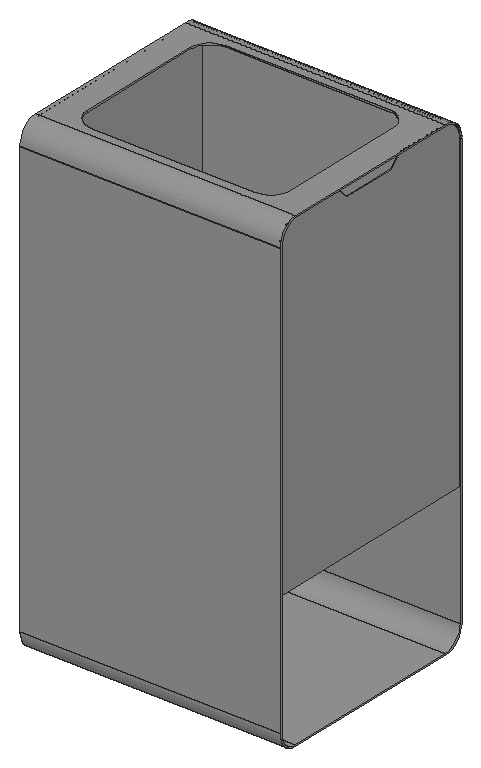
Revit family "Урна для раздельного сбора мусора «Тенорис» Арт 12775", category Антураж, Revit 2018
Family settings
  На основе рабочей плоскости = Нет
  Всегда вертикально = Да
  При загрузке вырезать с полостями = Нет
  Источник визуального образа = Геометрия семейства
  Общий = Нет
  Точка расчета площади = Нет
Parameters (values of type "Урна для раздельного сбора мусора «Тенорис»")
  Ширина = 400 mm  # constant formula
  Цвет урны = Сталь
  Цвет отходов = Оранжевый
  Описание = "Урна для раздельного сбора мусора «Тенорис»"  # constant formula
  Материал изделия = "Сталь"  # constant formula
  Изображение типоразмера = Урна для раздельного сбора мусора «Тенорис» Арт 12775.jpg
  Изготовитель = "ООО «Хоббика»"  # constant formula
  Длина = 460 mm  # constant formula
  Группа модели = "Уличные урны"  # constant formula
  Высота = 840 mm  # constant formula
  Артикул товара = "Арт. 12775"  # constant formula
  URL = "https://hobbyka.ru/product/urna_dlya_razdelnogo_sbora_musora_tenoris/"
Reference planes
  plane 1 "По центру (Вперед/Назад)": y = 0
  plane 2: z = 0
  plane 3 "По центру (Влево/Вправо)": x = 0
  plane 4: x = 460
  plane 5: y = 400
  plane 6: z = 840
Forms (mm)
  Extrusion 1, solid, material "Сталь" <- "Цвет урны"
    sketch origin (0, 0, 0) x (0, 1, 0) y (0, 0, 1)
      loop
        line (365, 840) -> (35, 840)
        arc (35, 840) -> (10.251, 829.749) -> (0, 805) r 35
        line (0, 805) -> (1, 805) -> (1, 802.5) -> (0, 802.5) -> (0, 35)
        arc (0, 35) -> (10.251, 10.251) -> (35, 0) r 35
        line (35, 0) -> (365, 0)
        arc (365, 0) -> (389.749, 10.251) -> (400, 35) r 35
        line (400, 35) -> (400, 802.5) -> (399, 802.5) -> (399, 805) -> (400, 805)
        arc (400, 805) -> (389.749, 829.749) -> (365, 840) r 35
      loop
        line (365, 838) -> (35, 838)
        arc (35, 838) -> (11.665, 828.335) -> (2, 805) r 33
        line (2, 805) -> (2, 35)
        arc (2, 35) -> (11.665, 11.665) -> (35, 2) r 33
        line (35, 2) -> (365, 2)
        arc (365, 2) -> (388.335, 11.665) -> (398, 35) r 33
        line (398, 35) -> (398, 805)
        arc (398, 805) -> (388.335, 828.335) -> (365, 838) r 33
    from 0 to 460
  Extrusion 2, void
    sketch origin (0, 0, 0) x (1, 0, 0) y (0, 1, 0)
      loop
        arc (85, 348) -> (60.251, 337.749) -> (50, 313) r 35
        line (50, 313) -> (50, 85)
        arc (50, 85) -> (60.251, 60.251) -> (85, 50) r 35
        line (85, 50) -> (375, 50)
        arc (375, 50) -> (399.749, 60.251) -> (410, 85) r 35
        line (410, 85) -> (410, 313)
        arc (410, 313) -> (399.749, 337.749) -> (375, 348) r 35
        line (375, 348) -> (85, 348)
    from 838 to 840
  Extrusion 3, solid, material "Оранжевый" <- "Цвет отходов"
    sketch origin (0, 0, 0) x (0, 1, 0) y (0, 0, 1)
      loop
        line (365, 838) -> (35, 838)
        arc (35, 838) -> (11.665, 828.335) -> (2, 805) r 33
        line (2, 805) -> (2, 250) -> (398, 250) -> (398, 805)
        arc (398, 805) -> (388.335, 828.335) -> (365, 838) r 33
    from 3 to 5
  Extrusion 4, solid, material "Оранжевый" <- "Цвет отходов"
    sketch origin (0, 0, 0) x (0, 1, 0) y (0, 0, 1)
      loop
        line (365, 838) -> (270, 838) -> (250, 818) -> (150, 818) -> (130, 838) -> (35, 838)
        arc (35, 838) -> (11.665, 828.335) -> (2, 805) r 33
        line (2, 805) -> (2, 250) -> (398, 250) -> (398, 805)
        arc (398, 805) -> (388.335, 828.335) -> (365, 838) r 33
    from 455 to 457
  Extrusion 5, solid, material "Оранжевый" <- "Цвет отходов"
    sketch origin (0, 0, 0) x (0, 1, 0) y (0, 0, 1)
      loop
        line (398, 250) -> (398, 805)
        arc (398, 805) -> (388.335, 828.335) -> (365, 838) r 33
        line (365, 838) -> (365, 836)
        arc (365, 836) -> (386.92, 826.92) -> (396, 805) r 31
        line (396, 805) -> (396, 252) -> (4, 252) -> (4, 805)
        arc (4, 805) -> (13.08, 826.92) -> (35, 836) r 31
        line (35, 836) -> (35, 838)
        arc (35, 838) -> (11.665, 828.335) -> (2, 805) r 33
        line (2, 805) -> (2, 250) -> (398, 250)
    from 5 to 455
Cuts and joins
  Extrusion 2 cuts Extrusion 1
  joined: Extrusion 3, Extrusion 4, Extrusion 5
Dimensions and locks
  "Длина": plane 3 "По центру (Влево/Вправо)" to plane 4
  "Ширина": plane 5 to plane 1 "По центру (Вперед/Назад)"
  "Высота": plane 6 to plane 2
  aligned and locked: level to plane 2
Automatic sketch dimensions
  plane 3 "По центру (Влево/Вправо)" to Extrusion 2 sketch curve = 50 mm
  Extrusion 2 sketch curve to Extrusion 2 sketch curve = 35 mm  (x3)
  Extrusion 2 sketch curve to plane 1 "По центру (Вперед/Назад)" = 50 mm
  Extrusion 2 sketch curve to plane 4 = 85 mm  (x2)
  Extrusion 2 sketch curve to plane 5 = 87 mm
  Extrusion 3 sketch curve to plane 1 "По центру (Вперед/Назад)" = 2 mm
  Extrusion 3 sketch curve to Extrusion 3 sketch curve = 33 mm
  Extrusion 3 sketch curve to plane 6 = 2 mm
  Extrusion 3 sketch curve to plane 5 = 35 mm
  Extrusion 3 sketch curve to plane 5 = 2 mm
  level to Extrusion 3 sketch curve = 250 mm
  Extrusion 4 sketch curve to plane 1 "По центру (Вперед/Назад)" = 2 mm
  Extrusion 4 sketch curve to Extrusion 4 sketch curve = 33 mm
  Extrusion 4 sketch curve to plane 5 = 35 mm
  Extrusion 4 sketch curve to plane 5 = 2 mm
  Extrusion 4 sketch curve to plane 6 = 35 mm  (x2)
  level to Extrusion 4 sketch curve = 250 mm
  Extrusion 4 sketch curve to Extrusion 4 sketch curve = 20 mm  (x2)
  Extrusion 4 sketch curve to plane 6 = 22 mm
  Extrusion 4 sketch curve to Extrusion 4 sketch curve = 115 mm
  Extrusion 4 sketch curve to Extrusion 4 sketch curve = 100 mm
  Extrusion 5 sketch curve to Extrusion 5 sketch curve = 0 mm  (x5)
  Extrusion 5 sketch curve to plane 1 "По центру (Вперед/Назад)" = 2 mm
  Extrusion 5 sketch curve to Extrusion 5 sketch curve = 2 mm  (x3)
  Extrusion 5 sketch curve to Extrusion 5 sketch curve = 31 mm
  Extrusion 5 sketch curve to plane 5 = 4 mm
  level to Extrusion 5 sketch curve = 252 mm
  Extrusion 5 sketch curve to plane 6 = 2 mm
  Extrusion 5 sketch curve to plane 5 = 35 mm
  Extrusion 5 sketch curve to plane 6 = 35 mm
  Extrusion 1 sketch curve to Extrusion 1 sketch curve = 0 mm  (x8)
  Extrusion 1 sketch curve to plane 1 "По центру (Вперед/Назад)" = 0 mm  (x2)
  Extrusion 1 sketch curve to plane 6 = 0 mm
  Extrusion 1 sketch curve to level = 0 mm
  Extrusion 1 sketch curve to plane 5 = 0 mm
  Extrusion 1 sketch curve to Extrusion 1 sketch curve = 1 mm
  Extrusion 1 sketch curve to plane 1 "По центру (Вперед/Назад)" = 2 mm
  Extrusion 1 sketch curve to plane 1 "По центру (Вперед/Назад)" = 35 mm  (x2)
  Extrusion 1 sketch curve to Extrusion 1 sketch curve = 33 mm  (x2)
  Extrusion 1 sketch curve to plane 5 = 1 mm
  Extrusion 1 sketch curve to Extrusion 1 sketch curve = 2.5 mm  (x2)
